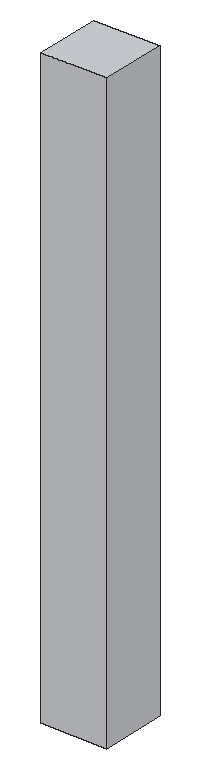
Revit family
Parameters (values of type "100mm")
  built-in parameter 1008623 [instance] = (empty or 0)
  built-in parameter 1008625 [instance] = (empty or 0)
  Post Material = none
  Width = 100 mm
  Post = yes
  built-in parameter 1008624 [instance] = (empty or 0)
  built-in parameter 1008622 [instance] = 915 mm
Types (5, lengths in mm): name | Width
  (no name) | 100
  30mm | 30
  60mm | 60
  100mm | 100
  150mm | 150
Reference planes
  plane 1 "Center (Front/Back)": y = 0
  plane 2: z = 0
  plane 3 "Center (Left/Right)": x = 0
  plane 4 "Top": z = 915
Forms (mm)
  Extrusion 1, solid, material <- "Post Material"
    sketch origin (0, 0, 0) x (1, 0, 0) y (0, 1, 0)
      loop
        line (-50, 50) -> (-50, -50) -> (50, -50) -> (50, 50) -> (-50, 50)
    from 0 to 915
Dimensions and locks
  "built-in parameter 1008622": plane 2 to plane 4 "Top"
  equal spacing: Extrusion 1 sketch curve, plane 3 "Center (Left/Right)", Extrusion 1 sketch curve
  equal spacing: Extrusion 1 sketch curve, plane 1 "Center (Front/Back)", Extrusion 1 sketch curve
  "Width": Extrusion 1 sketch curve to Extrusion 1 sketch curve  (x2)
  aligned and locked: Extrusion 1 to level
  aligned and locked: Extrusion 1 to plane 4 "Top"
